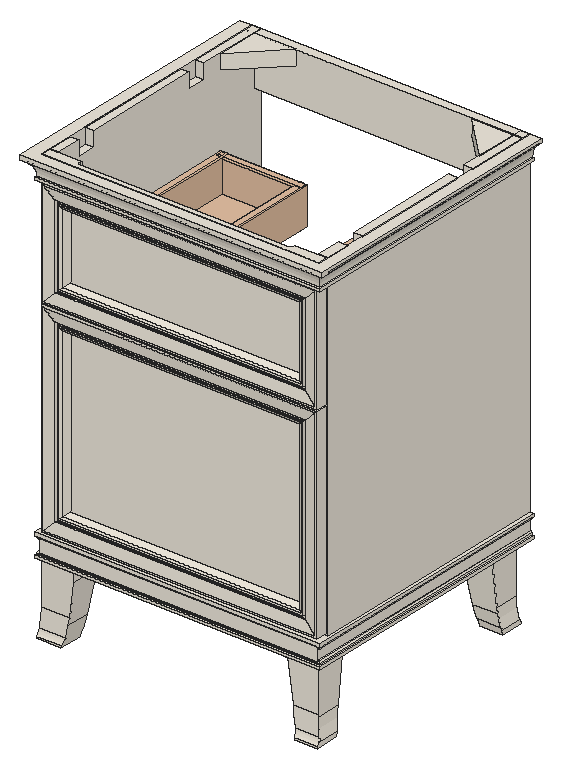
Revit family "Furniture-Floor_Mount-Vanity-KOHLER-Artifacts-K-29469_1", category Casework, host Face, Revit 2021
Family settings
  Host = Face
  OmniClass Number = 23.21.19.00
  OmniClass Title = Casework
  Cut with Voids When Loaded = No
  Shared = No
  Room Calculation Point = No
Parameters (values of type "1WA-Linen White")
  Width = 24 1/64"  # constant formula
  WaterSense Certified = 1 = 0  # no
  URL = "https://www.us.kohler.com/us/"
  Type = 1
  Product Page URL = "http://www.us.kohler.com/us/catalog/productDetails.jsp?productNumber=29469"
  Product Name = "Artifacts"  # constant formula
  Product Documentation Link = "https://www.us.kohler.com/webassets/kpna/catalog/pdf/en/K-29469_spec_US-CA_Kohler_en.pdf"
  Model = if(Type = 1, "K-29469-1WA", if(Type = 2, "K-29469-1WX", if(Type = 3, "K-29469-AGA", if(Type = 4, "K-29469-BWK", if(Type = 5, "K-29469-WEK", "NA")))))  # "K-29469-1WA"
  Material = "Solid Wood\r\n"  # constant formula
  Master Format 2014 Name = "Bathroom Casework"  # constant formula
  Master Format 2014 = "12 35 30.23"  # constant formula
  Manufacturer Address = "444 Highland Dr, Kohler, WI 53044"  # constant formula
  Manufacturer = "Kohler Co."  # constant formula
  Product Finish = Kohler-Wood-1WA-Linen_White
  Height = 34 155/256"  # constant formula
  Hardware Included = 0 = 1  # no
  Finish = if(Type = 1, "Kohler-Wood-1WA-Linen White", if(Type = 2, "Kohler-Wood-1WX-New_Dark_Grey", if(Type = 3, "KOHLER-Wood-AGA-Ash_Grey", if(Type = 4, "KOHLER-Wood-BWK-Carbon_Oak", if(Type = 5, "KOHLER-Wood-WEK-Weathered_Oak", "NA")))))  # "Kohler-Wood-1WA-Linen White"
  Environmental Product Declaration = ""
  Description = "24 inch vanity"  # constant formula
  Depth = 21 57/64"  # constant formula
  Default Elevation = 0"
  Declare Label = ""
  Date Modified = "11/04/2023"  # constant formula
  Date Created = "11/04/2023"  # constant formula
  Copyright = "Copyright Kohler Co."  # constant formula
  Contact Us = "https://www.us.kohler.com/us/static/contact.jsp"
  Construction Type = ""
  Assembly Code = "E2010.30"
  ADA Compliant = 1 = 0  # no
Reference planes (in)
  plane 1 "Center (Front/Back)": y = 0
  plane 2: z = 0
  plane 3 "Center (Left/Right)": x = 0
  plane 4: y = 10.94488
  plane 5: y = -10.94574
  plane 6: y = 9.64567
  plane 7: y = -9.96134
  plane 8: x = -10.35433
  plane 9: x = -12.00787
  plane 10: x = 9.88275
  plane 11: y = -9.2126
  plane 12: y = 9.2126
  plane 13: z = 34.60547
  plane 14: z = 30.66929
  plane 15: z = 12.28346
  plane 16: z = 0.11811
  plane 17: x = 10.35433
  plane 18: x = 12.00775
Dimensions and locks (in)
  "Depth": plane 4 to plane 5
  "Height": plane 13 to level
  plane 14 to plane 15 to plane 16 = 18.38583", 12.16535"
  plane 9 to plane 10 = 21 57/64"
  plane 8 to plane 17 = 20.70866"
  plane 12 to plane 11 = 18.4252"
  plane 7 to plane 5 = 0.9844"
  "Width": plane 9 to plane 18
  aligned and locked: plane 2 to host face
  aligned and locked: level to host face
Automatic sketch dimensions
  host sketch curve to host sketch curve = 96"  (x2)
Nested families (in)
  nested 1: "K-29469" at (0, 0, 0), type "K-29469"
Definition of nested family "K-29469"
  Parameters
    Material = none
    Default Elevation = 0"
  Reference planes (in)
    plane 1 "Center (Front/Back)": y = 0
    plane 2: z = 0
    plane 3 "Center (Left/Right)": x = 0
    plane 4: y = 10.94488
    plane 5: y = -10.94488
    plane 6: y = -9.96048
    plane 7: y = 9.64567
    plane 8: y = 9.2126
    plane 9: y = -9.2126
    plane 10: z = 0.11811
    plane 11: z = 34.6063
    plane 12: x = -12.00787
    plane 13: x = 12.00787
    plane 14 "a": x = -10.35433
    plane 15: x = 10.35433
    plane 16: z = 12.28346
    plane 17: z = 30.66929
  Forms (in)
    Extrusion 1, solid, material <- "Material", detail levels medium+fine
      sketch origin (0, 0, 0) x (1, 0, 0) y (0, 1, 0)
        loop
          line (-11.18144, -10.27523) -> (-8.50413, -10.27523) -> (-8.50413, -7.59828) -> (-11.18144, -7.59828) -> (-11.18144, -10.27523)
        loop
          line (-11.18144, 10.05931) -> (-11.18144, 7.25247) -> (-8.50413, 7.25247) -> (-8.50413, 10.05931) -> (-11.18144, 10.05931)
        loop
          line (11.18144, -10.27523) -> (11.18144, -7.59828) -> (8.50413, -7.59828) -> (8.50413, -10.27523) -> (11.18144, -10.27523)
        loop
          line (11.18144, 10.05939) -> (8.50413, 10.05939) -> (8.50413, 7.25249) -> (11.18144, 7.25249) -> (11.18144, 10.05939)
      from 0.13072 to 5.82787
    Extrusion 2, void
      sketch origin (0, 0, 0) x (0, 1, 0) y (0, 0, 1)
        loop
          line (10.15733, 5.82787) -> (9.64542, 5.82787) -> (9.64542, 2.28457)
          arc (9.64542, 2.28457) -> (9.6699, 1.54159) -> (9.74321, 0.80184) r 11.29048
          arc (9.74321, 0.80184) -> (9.81843, 0.50664) -> (9.96048, 0.23716) r 1.29592
          line (9.96048, 0.23716) -> (9.96048, 0.04031) -> (10.15733, 0.04031) -> (10.15733, 5.82787)
        loop
          line (7.83386, 1.67415) -> (7.25247, 5.82787) -> (6.85877, 5.82787) -> (6.85877, 0.04031) -> (8.17174, 0.04031)
          arc (8.17174, 0.04031) -> (8.08741, 0.36551) -> (8.01089, 0.69263) r 14.02611
          arc (8.01089, 0.69263) -> (7.91271, 1.18165) -> (7.83386, 1.67415) r 12.6683
        loop
          line (-10.47117, 5.82787) -> (-10.47117, 0.04031) -> (-10.27432, 0.04031) -> (-10.27432, 0.23716)
          arc (-10.27432, 0.23716) -> (-10.13227, 0.50664) -> (-10.05705, 0.80184) r 1.29592
          arc (-10.05705, 0.80184) -> (-9.98374, 1.54159) -> (-9.95926, 2.28457) r 11.29048
          line (-9.95926, 2.28457) -> (-9.95926, 5.82787) -> (-10.47117, 5.82787)
        loop
          arc (-8.1477, 1.67415) -> (-8.22655, 1.18165) -> (-8.32473, 0.69263) r 12.6683
          arc (-8.32473, 0.69263) -> (-8.40125, 0.36551) -> (-8.48558, 0.04031) r 14.02611
          line (-8.48558, 0.04031) -> (-7.17261, 0.04031) -> (-7.17261, 5.82787) -> (-7.56631, 5.82787) -> (-8.1477, 1.67415)
      from -11.37829 to 12.02043
    Extrusion 3, void
      sketch origin (0, 0, 0) x (1, 0, 0) y (0, 0, 1)
        loop
          line (-11.57516, 5.82749) -> (-11.57516, 0.11811) -> (-11.37831, 0.11811)
          arc (-11.37831, 0.11811) -> (-11.14242, 1.14001) -> (-11.06318, 2.18578) r 6.94091
          line (-11.06318, 2.18578) -> (-11.06318, 5.82749) -> (-11.57516, 5.82749)
        loop
          line (-9.27184, 0.11905) -> (-8.09074, 0.11905) -> (-8.09074, 5.82749) -> (-8.40061, 5.82749) -> (-8.40061, 5.62769) -> (-8.95625, 1.67415)
          arc (-8.95625, 1.67415) -> (-9.09048, 0.89182) -> (-9.27184, 0.11905) r 13.10105
        loop
          line (11.47673, 5.82749) -> (10.96476, 5.82749) -> (10.96476, 2.18578)
          arc (10.96476, 2.18578) -> (11.04399, 1.14001) -> (11.27988, 0.11811) r 6.94091
          line (11.27988, 0.11811) -> (11.47673, 0.11811) -> (11.47673, 5.82749)
        loop
          arc (9.36486, 0.11905) -> (9.1835, 0.89182) -> (9.04927, 1.67415) r 13.10105
          line (9.04927, 1.67415) -> (8.49363, 5.62769) -> (8.49363, 5.82749) -> (8.18376, 5.82749) -> (8.18376, 0.11905) -> (9.36486, 0.11905)
      from -12.54667 to 11.11618
    Sweep 4, solid, material <- "Material", detail levels medium+fine
      path origin (0, 0, 0) x (1, 0, 0) y (0, 1, 0)
        loop
          line (-12.00787, 10.94488) -> (-12.00787, -10.94488) -> (12.00787, -10.94488) -> (12.00787, 10.94488)
      profile origin (-12.00787, 0, 0) x (1, 0, 0) y (0, 0, 1)
        loop
          line (0.74769, 7.40268) -> (0.74769, 7.28457)
          arc (0.74769, 7.28457) -> (0.79808, 7.23285) -> (0.82643, 7.16645) r 0.19685
          line (0.82643, 7.16645) -> (0.94454, 7.16645) -> (0.94454, 6.30031) -> (0.82643, 6.30031)
          arc (0.82643, 6.30031) -> (0.79808, 6.23391) -> (0.74769, 6.1822) r 0.19685
          line (0.74769, 6.1822) -> (0.74769, 6.06409) -> (0.62957, 6.06409) -> (0.62957, 5.82787) -> (1.89012, 5.82787) -> (1.89012, 7.6389) -> (0.62957, 7.6389) -> (0.62957, 7.40268) -> (0.74769, 7.40268)
    Extrusion 5, solid, material <- "Material", detail levels medium+fine
      sketch origin (0, 0, 0) x (1, 0, 0) y (0, 1, 0)
        loop
          line (-10.11775, -9.2126) -> (10.11775, -9.2126) -> (10.11775, 9.29134) -> (-10.11775, 9.29134) -> (-10.11775, -9.2126)
        loop
          line (11.06333, 10.23622) -> (-11.06333, 10.23622) -> (-11.06333, -10.15748) -> (11.06333, -10.15748) -> (11.06333, 10.23622)
      from 5.82787 to 7.6389
    Extrusion 6, solid, material <- "Material", detail levels medium+fine
      sketch origin (0, 0, 0) x (1, 0, 0) y (0, 1, 0)
        loop
          line (-8.87046, 9.64542) -> (-10.86633, 9.64542) -> (-10.86633, 7.11219) -> (-9.19611, 5.44196)
          arc (-9.19611, 5.44196) -> (-9.05681, 5.38426) -> (-8.91751, 5.44196) r 0.197
          line (-8.91751, 5.44196) -> (-6.66277, 7.6967)
          arc (-6.66277, 7.6967) -> (-6.60507, 7.836) -> (-6.66277, 7.9753) r 0.197
          line (-6.66277, 7.9753) -> (-8.3329, 9.64542) -> (-8.87046, 9.64542)
        loop
          circle (-7.77622, 8.39277) r 0.17717
        loop
          circle (-7.79014, 7.37666) r 0.17717
        loop
          circle (-8.59746, 6.56933) r 0.17717
        loop
          circle (-9.61358, 6.55541) r 0.17717
        loop
          line (-8.87046, -9.96038) -> (-8.3329, -9.96038) -> (-6.66277, -8.29026)
          arc (-6.66277, -8.29026) -> (-6.60507, -8.15096) -> (-6.66277, -8.01166) r 0.197
          line (-6.66277, -8.01166) -> (-8.91751, -5.75692)
          arc (-8.91751, -5.75692) -> (-9.05681, -5.69922) -> (-9.19611, -5.75692) r 0.197
          line (-9.19611, -5.75692) -> (-10.86633, -7.42714) -> (-10.86633, -9.96038) -> (-8.87046, -9.96038)
        loop
          circle (-7.77622, -8.70773) r 0.17717
        loop
          circle (-7.79014, -7.69161) r 0.17717
        loop
          circle (-8.59746, -6.88429) r 0.17717
        loop
          circle (-9.61358, -6.87037) r 0.17717
        loop
          line (8.87046, 9.64542) -> (8.3329, 9.64542) -> (6.66277, 7.9753)
          arc (6.66277, 7.9753) -> (6.60507, 7.836) -> (6.66277, 7.6967) r 0.197
          line (6.66277, 7.6967) -> (8.91751, 5.44196)
          arc (8.91751, 5.44196) -> (9.05681, 5.38426) -> (9.19611, 5.44196) r 0.197
          line (9.19611, 5.44196) -> (10.86633, 7.11219) -> (10.86633, 9.64542) -> (8.87046, 9.64542)
        loop
          circle (7.77622, 8.39277) r 0.17717
        loop
          circle (7.79014, 7.37666) r 0.17717
        loop
          circle (8.59746, 6.56933) r 0.17717
        loop
          circle (9.61358, 6.55541) r 0.17717
        loop
          line (8.87046, -9.96038) -> (10.86633, -9.96038) -> (10.86633, -7.42714) -> (9.19611, -5.75692)
          arc (9.19611, -5.75692) -> (9.05681, -5.69922) -> (8.91751, -5.75692) r 0.197
          line (8.91751, -5.75692) -> (6.66277, -8.01166)
          arc (6.66277, -8.01166) -> (6.60507, -8.15096) -> (6.66277, -8.29026) r 0.197
          line (6.66277, -8.29026) -> (8.3329, -9.96038) -> (8.87046, -9.96038)
        loop
          circle (7.77622, -8.70773) r 0.17717
        loop
          circle (7.79014, -7.69161) r 0.17717
        loop
          circle (8.59746, -6.88429) r 0.17717
        loop
          circle (9.61358, -6.87037) r 0.17717
      from 5.55302 to 5.82787
    Extrusion 7, solid, material <- "Material", detail levels medium+fine
      sketch origin (0, 0, 0) x (1, 0, 0) y (0, 1, 0)
        loop
          line (-5.55288, -9.2126) -> (-10.11845, -4.64703) -> (-10.11845, -9.2126) -> (-5.55288, -9.2126)
        loop
          line (5.55288, -9.2126) -> (10.11845, -9.2126) -> (10.11845, -4.64703) -> (5.55288, -9.2126)
        loop
          line (-10.11845, 4.33207) -> (-5.15918, 9.29134) -> (-10.11845, 9.29134) -> (-10.11845, 4.33207)
        loop
          line (5.15918, 9.29134) -> (10.11845, 4.33207) -> (10.11845, 9.29134) -> (5.15918, 9.29134)
      from 5.82787 to 7.6389
    Extrusion 8, solid, material <- "Material", detail levels medium+fine
      sketch origin (0, 0, 0) x (1, 0, 0) y (0, 1, 0)
        loop
          line (-10.11775, 9.64542) -> (-10.11775, -9.2126) -> (10.11775, -9.2126) -> (10.11775, 9.64542) -> (-10.11775, 9.64542)
      from 7.40268 to 7.6389
    Extrusion 9, solid, material <- "Material", detail levels medium+fine
      sketch origin (0, 0, 0) x (1, 0, 0) y (0, 1, 0)
        loop
          line (-10.11845, 2.99164) -> (-9.33105, 2.99164) -> (-9.33105, 8.89764) -> (-10.11845, 8.89764) -> (-10.11845, 2.99164)
        loop
          line (9.33105, 2.99164) -> (10.11845, 2.99164) -> (10.11845, 8.89764) -> (9.33105, 8.89764) -> (9.33105, 2.99164)
        loop
          line (-10.11845, -2.04676) -> (-10.11845, -9.2126) -> (-9.33105, -9.2126) -> (-9.33105, -2.04676) -> (-10.11845, -2.04676)
        loop
          line (9.33105, -2.04676) -> (9.33105, -9.2126) -> (10.11845, -9.2126) -> (10.11845, -2.04676) -> (9.33105, -2.04676)
      from 6.85149 to 7.6389
    Sweep 10, solid, material <- "Material", detail levels medium+fine
      path origin (0, 0, 0) x (1, 0, 0) y (0, 0, 1)
        loop
          line (-10.945, 23.9769) -> (-10.945, 7.7569) -> (10.945, 7.7569) -> (10.945, 23.9769) -> (-10.945, 23.9769)
      profile origin (-10.945, 0, 15.8669) x (0, -1, 0) y (1, 0, 0)
        loop
          line (9.2126, 1.77161) -> (9.2126, 0) -> (10.118, 0) -> (10.118, 0.11811) -> (9.99989, 0.98425) -> (9.8519, 1.00394) -> (9.8519, 1.1811) -> (9.99989, 1.1811) -> (9.99989, 1.29921) -> (9.90146, 1.49606) -> (9.2126, 1.77161)
    Sweep 11, solid, material <- "Material", detail levels medium+fine
      path origin (0, 0, 17.32283) x (1, 0, 0) y (0, 0, 1)
        loop
          line (-10.945, 15.35504) -> (-10.945, 6.77206) -> (10.945, 6.77206) -> (10.945, 15.35504) -> (-10.945, 15.35504)
      profile origin (-10.945, 0, 28.38638) x (0, -1, 0) y (1, 0, 0)
        loop
          line (9.2126, 1.77161) -> (9.2126, 0) -> (10.118, 0) -> (10.118, 0.11811) -> (9.99989, 0.98425) -> (9.8519, 1.00394) -> (9.8519, 1.1811) -> (9.99989, 1.1811) -> (9.99989, 1.29921) -> (9.90146, 1.49606) -> (9.2126, 1.77161)
    Extrusion 12, solid, material <- "Material", detail levels medium+fine
      sketch origin (0, 0, 0) x (1, 0, 0) y (0, 1, 0)
        loop
          line (-11.06299, 10.94488) -> (-11.06299, -9.17323) -> (-10.35433, -9.17323) -> (-10.35433, 10.94488) -> (-11.06299, 10.94488)
        loop
          line (11.06333, -9.17323) -> (11.06333, 10.94488) -> (10.35433, 10.94488) -> (10.35433, -9.17323) -> (11.06333, -9.17323)
      from 7.6389 to 34.6074
    Extrusion 13, solid, material <- "Material", detail levels medium+fine
      sketch origin (0, 0, 0) x (1, 0, 0) y (0, 0, 1)
        loop
          line (-9.64579, 25.55333) -> (9.44894, 25.55333) -> (9.44894, 31.18181) -> (-9.64579, 31.18181) -> (-9.64579, 25.55333)
        loop
          line (9.44894, 22.29588) -> (-9.44894, 22.29588) -> (-9.44894, 9.30651) -> (9.44894, 9.30651) -> (9.44894, 22.29588)
      from 9.2126 to 9.39595
    Sweep 14, solid, material <- "Material", detail levels medium+fine
      path origin (0, 0, 0) x (1, 0, 0) y (0, 1, 0)
        loop
          line (-12.00787, 10.94488) -> (-12.00787, -10.94488) -> (12.00787, -10.94488) -> (12.00787, 10.94488)
      profile origin (-12.00787, 0, 0) x (1, 0, 0) y (0, 0, 1)
        loop
          line (0.94488, 34.6074) -> (0, 34.6074) -> (0, 34.29244)
          arc (0, 34.29244) -> (0.54943, 33.76669) -> (0.74803, 33.03262) r 1.41732
          line (0.74803, 33.03262) -> (0.62992, 33.03262) -> (0.62992, 32.7964) -> (0.94488, 32.7964) -> (0.94488, 34.6074)
    Extrusion 15, solid, material <- "Material", detail levels medium+fine
      sketch origin (0, 0, 0) x (1, 0, 0) y (0, 0, 1)
        loop
          line (-10.35433, 12.28457) -> (-10.35433, 7.6389) -> (10.35433, 7.6389) -> (10.35433, 12.28457) -> (-10.35433, 12.28457)
        loop
          line (-10.35433, 30.67039) -> (10.35433, 30.67039) -> (10.35433, 32.79638) -> (11.06299, 32.79638) -> (11.06299, 34.6074) -> (-11.06299, 34.6074) -> (-11.06299, 32.79638) -> (-10.35433, 32.79638) -> (-10.35433, 30.67039)
      from -10.94488 to -10.23622
    Extrusion 16, solid
      sketch origin (0, 0, 0) x (1, 0, 0) y (0, 1, 0)
        loop
          line (10.11811, -9.2126) -> (10.11811, 6.61428) -> (-10.11642, 6.61428) -> (-10.11642, -8.74005) -> (-10.11812, -9.2126) -> (10.11811, -9.2126)
        loop
          line (-9.52756, -8.74005) -> (9.52755, -8.74005) -> (9.52755, 6.02373) -> (-9.52756, 6.02373) -> (-9.52756, -8.74005)
      from 7.6389 to 15.69557
    Extrusion 17, void
      sketch origin (0, 0, 0) x (1, 0, 0) y (0, 0, 1)
        loop
          line (3.18898, 13.46605) -> (3.18898, 17.48136) -> (-3.18898, 17.48136) -> (-3.18898, 13.46605)
          arc (-3.18898, 13.46605) -> (-3.07366, 13.18766) -> (-2.79528, 13.07235) r 0.3937
          line (-2.79528, 13.07235) -> (2.79528, 13.07235)
          arc (2.79528, 13.07235) -> (3.07366, 13.18766) -> (3.18898, 13.46605) r 0.3937
      from -9.29134 to -4.33207
    Extrusion 18, solid
      sketch origin (0, 0, 0) x (1, 0, 0) y (0, 1, 0)
        loop
          line (10.1181, 6.02375) -> (-10.15749, 6.02375) -> (-10.15749, -9.21273) -> (10.1181, -9.21273) -> (10.1181, 6.02375)
      from 7.6389 to 8.74115
    Extrusion 19, solid
      sketch origin (0, 0, 0) x (1, 0, 0) y (0, 0, 1)
        loop
          arc (10.11811, 27.79296) -> (10.09425, 27.85056) -> (10.03665, 27.87442) r 0.08146
          line (10.03665, 27.87442) -> (9.6063, 27.87442)
          arc (9.6063, 27.87442) -> (9.55062, 27.85136) -> (9.52756, 27.79568) r 0.07874
          line (9.52756, 27.79568) -> (9.52756, 24.8823) -> (10.11811, 24.8823) -> (10.11811, 27.79296)
        loop
          arc (3.77956, 27.79296) -> (3.7557, 27.85056) -> (3.6981, 27.87442) r 0.08146
          line (3.6981, 27.87442) -> (3.26775, 27.87442)
          arc (3.26775, 27.87442) -> (3.21207, 27.85136) -> (3.18901, 27.79568) r 0.07874
          line (3.18901, 27.79568) -> (3.18901, 24.8823) -> (3.77956, 24.8823) -> (3.77956, 27.79296)
        loop
          arc (-3.1849, 27.79296) -> (-3.20876, 27.85056) -> (-3.26637, 27.87442) r 0.08146
          line (-3.26637, 27.87442) -> (-3.69671, 27.87442)
          arc (-3.69671, 27.87442) -> (-3.75239, 27.85136) -> (-3.77545, 27.79568) r 0.07874
          line (-3.77545, 27.79568) -> (-3.77545, 24.8823) -> (-3.1849, 24.8823) -> (-3.1849, 27.79296)
        loop
          arc (-9.52345, 27.79296) -> (-9.54731, 27.85056) -> (-9.60492, 27.87442) r 0.08146
          line (-9.60492, 27.87442) -> (-10.03527, 27.87442)
          arc (-10.03527, 27.87442) -> (-10.09094, 27.85136) -> (-10.11401, 27.79568) r 0.07874
          line (-10.11401, 27.79568) -> (-10.11401, 24.8823) -> (-9.52345, 24.8823) -> (-9.52345, 27.79296)
      from -6.61428 to 8.74005
    Extrusion 20, solid, detail levels medium+fine
      sketch origin (0, 0, 0) x (0, 1, 0) y (0, 0, 1)
        loop
          line (-9.3306, 27.79568) -> (-9.3306, 24.8823) -> (-8.74005, 24.8823) -> (-8.74005, 27.79568)
          arc (-8.74005, 27.79568) -> (-8.76311, 27.85136) -> (-8.81879, 27.87442) r 0.07874
          line (-8.81879, 27.87442) -> (-9.25186, 27.87442)
          arc (-9.25186, 27.87442) -> (-9.30754, 27.85136) -> (-9.3306, 27.79568) r 0.07874
      from -10.11845 to 10.11845
    Extrusion 21, solid
      sketch origin (0.19651, 0.02926, 0.02634) x (0, 1, 0) y (0, 0, 1)
        loop
          arc (-4.40934, 27.87442) -> (-4.46502, 27.85136) -> (-4.48808, 27.79568) r 0.07874
          line (-4.48808, 27.79568) -> (-4.48808, 24.8823) -> (-3.89753, 24.8823) -> (-3.89753, 27.79568)
          arc (-3.89753, 27.79568) -> (-3.92059, 27.85136) -> (-3.97627, 27.87442) r 0.07874
          line (-3.97627, 27.87442) -> (-4.40934, 27.87442)
      from -3.38549 to 2.99246
    Extrusion 22, solid, detail levels medium+fine
      sketch origin (0.19651, 0, 0) x (0, 1, 0) y (0, 0, 1)
        loop
          line (6.02375, 24.8823) -> (6.61428, 24.8823) -> (6.61428, 27.79568)
          arc (6.61428, 27.79568) -> (6.59122, 27.85136) -> (6.53554, 27.87442) r 0.07874
          line (6.53554, 27.87442) -> (6.10249, 27.87442)
          arc (6.10249, 27.87442) -> (6.04682, 27.85136) -> (6.02375, 27.79568) r 0.07874
          line (6.02375, 27.79568) -> (6.02375, 24.8823)
      from -10.11845 to -3.38549
    Extrusion 23, solid
      sketch origin (0.19651, 0, 0) x (0, 1, 0) y (0, 0, 1)
        loop
          line (6.02375, 24.8823) -> (6.61428, 24.8823) -> (6.61428, 27.79568)
          arc (6.61428, 27.79568) -> (6.59122, 27.85136) -> (6.53554, 27.87442) r 0.07874
          line (6.53554, 27.87442) -> (6.10249, 27.87442)
          arc (6.10249, 27.87442) -> (6.04682, 27.85136) -> (6.02375, 27.79568) r 0.07874
          line (6.02375, 27.79568) -> (6.02375, 24.8823)
      from 2.99246 to 9.92194
    Extrusion 24, solid
      sketch origin (0, 0, 0) x (1, 0, 0) y (0, 1, 0)
        loop
          line (10.03665, 6.22058) -> (3.54058, 6.22058) -> (3.54058, -8.9369) -> (10.03665, -8.9369) -> (10.03665, 6.22058)
        loop
          line (-3.54603, 6.22058) -> (-10.04209, 6.22058) -> (-10.04209, -8.9369) -> (-3.54603, -8.9369) -> (-3.54603, 6.22058)
      from 24.8823 to 25.276
    Extrusion 25, void
      sketch origin (0, 0, 0) x (0, 1, 0) y (0, 0, 1)
        loop
          line (5.31496, 34.6074) -> (3.8189, 34.6074) -> (3.8189, 33.4263) -> (5.31496, 33.4263) -> (5.31496, 34.6074)
        loop
          line (-5.66929, 33.4263) -> (-5.66929, 35.0011) -> (-7.16535, 35.0011) -> (-7.16535, 33.4263) -> (-5.66929, 33.4263)
      from -11.06333 to 11.06333
    Extrusion 26, void
      sketch origin (0, 0, 0) x (1, 0, 0) y (0, 0, 1)
        loop
          arc (-1.75803, 28.44226) -> (-0.00003, 26.89017) -> (1.75796, 28.44226) r 1.77165
          line (1.75796, 28.44226) -> (-1.75803, 28.44226)
      from 0 to 5.66929
    Extrusion 27, solid, detail levels medium+fine
      sketch origin (0, 0, -0.19685) x (1, 0, 0) y (0, 0, 1)
        loop
          line (9.52756, 25.35474) -> (8.344, 25.35474) -> (8.344, 24.65917) -> (8.52606, 24.65917) -> (8.52606, 24.71495) -> (8.40772, 24.71495) -> (8.40772, 25.3055) -> (9.47377, 25.3055) -> (9.47377, 24.73422) -> (9.33071, 24.73422) -> (9.33071, 24.68191) -> (9.52756, 24.68191) -> (9.52756, 25.35474)
        loop
          line (8.56331, 24.46518) -> (8.36646, 24.46518) -> (8.36646, 24.3809) -> (8.63899, 24.3809) -> (8.63899, 24.8823) -> (8.56331, 24.8823) -> (8.56331, 24.46518)
        loop
          line (9.29508, 24.8823) -> (9.23226, 24.8823) -> (9.23226, 24.58093) -> (8.94213, 24.58093) -> (8.94213, 24.50765) -> (9.29508, 24.50765) -> (9.29508, 24.8823)
        loop
          line (-9.52762, 25.35474) -> (-9.52762, 24.68191) -> (-9.33077, 24.68191) -> (-9.33077, 24.73422) -> (-9.47384, 24.73422) -> (-9.47384, 25.3055) -> (-8.40778, 25.3055) -> (-8.40778, 24.71495) -> (-8.52612, 24.71495) -> (-8.52612, 24.65917) -> (-8.34406, 24.65917) -> (-8.34406, 25.35474) -> (-9.52762, 25.35474)
        loop
          line (-8.56337, 24.46518) -> (-8.56337, 24.8823) -> (-8.63905, 24.8823) -> (-8.63905, 24.3809) -> (-8.36652, 24.3809) -> (-8.36652, 24.46518) -> (-8.56337, 24.46518)
        loop
          line (-9.29514, 24.8823) -> (-9.29514, 24.50765) -> (-8.94219, 24.50765) -> (-8.94219, 24.58093) -> (-9.23233, 24.58093) -> (-9.23233, 24.8823) -> (-9.29514, 24.8823)
        loop
          line (9.52756, 8.56559) -> (8.344, 8.56559) -> (8.344, 7.87003) -> (8.52606, 7.87003) -> (8.52606, 7.92581) -> (8.40772, 7.92581) -> (8.40772, 8.51636) -> (9.47377, 8.51636) -> (9.47377, 7.94508) -> (9.33071, 7.94508) -> (9.33071, 7.89276) -> (9.52756, 7.89276) -> (9.52756, 8.56559)
        loop
          line (8.56331, 7.67603) -> (8.36646, 7.67603) -> (8.36646, 7.59176) -> (8.63899, 7.59176) -> (8.63899, 8.09315) -> (8.56331, 8.09315) -> (8.56331, 7.67603)
        loop
          line (9.29508, 8.09315) -> (9.23226, 8.09315) -> (9.23226, 7.79179) -> (8.94213, 7.79179) -> (8.94213, 7.7185) -> (9.29508, 7.7185) -> (9.29508, 8.09315)
        loop
          line (-9.52762, 8.56559) -> (-9.52762, 7.89276) -> (-9.33077, 7.89276) -> (-9.33077, 7.94508) -> (-9.47384, 7.94508) -> (-9.47384, 8.51636) -> (-8.40778, 8.51636) -> (-8.40778, 7.92581) -> (-8.52612, 7.92581) -> (-8.52612, 7.87003) -> (-8.34406, 7.87003) -> (-8.34406, 8.56559) -> (-9.52762, 8.56559)
        loop
          line (-8.56337, 7.67603) -> (-8.56337, 8.09315) -> (-8.63905, 8.09315) -> (-8.63905, 7.59176) -> (-8.36652, 7.59176) -> (-8.36652, 7.67603) -> (-8.56337, 7.67603)
        loop
          line (-9.29514, 8.09315) -> (-9.29514, 7.7185) -> (-8.94219, 7.7185) -> (-8.94219, 7.79179) -> (-9.23233, 7.79179) -> (-9.23233, 8.09315) -> (-9.29514, 8.09315)
      from -7.15759 to 8.74005
    Extrusion 28, solid, material <- "Material", detail levels medium+fine
      sketch origin (0, 0, 0) x (1, 0, 0) y (0, 1, 0)
        loop
          line (7.01378, 10.23622) -> (10.35433, 6.89567) -> (10.35433, 10.23622) -> (7.01378, 10.23622)
        loop
          line (-7.01378, 10.23622) -> (-10.35433, 10.23622) -> (-10.35433, 6.89567) -> (-7.01378, 10.23622)
        loop
          line (11.06299, -9.2126) -> (8.50394, -9.2126) -> (8.50394, -9.40945)
          arc (8.50394, -9.40945) -> (8.44629, -9.54864) -> (8.30709, -9.6063) r 0.19685
          line (8.30709, -9.6063) -> (-8.30708, -9.6063)
          arc (-8.30708, -9.6063) -> (-8.44627, -9.54864) -> (-8.50393, -9.40945) r 0.19685
          line (-8.50393, -9.40945) -> (-8.50393, -9.2126) -> (-11.06299, -9.2126) -> (-11.06299, -10) -> (11.06299, -10) -> (11.06299, -9.2126)
      from 33.4263 to 34.6074
    Revolve 29, solid, detail levels medium+fine
      sketch origin (-10.35433, -180, 54.75956) x (0, 0, 1) y (0, -1, 0)
        loop
          line (-54.75956, -189.2126) -> (-54.75956, -189.48893)
          arc (-54.75956, -189.48893) -> (-54.74118, -189.54013) -> (-54.69443, -189.56794) r 0.08049
          line (-54.69443, -189.56794) -> (-54.29455, -189.64567) -> (-54.29455, -189.2126) -> (-54.75956, -189.2126)
        axis (-54.75956, -189.2126) -> (-54.29455, -189.2126)
      angle from 0 to 360
    Revolve 30, solid, detail levels medium+fine
      sketch origin (10.35433, -180, 54.75956) x (0, 0, 1) y (0, 1, 0)
        loop
          line (-54.75956, 189.2126) -> (-54.29455, 189.2126) -> (-54.29455, 189.64567) -> (-54.69443, 189.56794)
          arc (-54.69443, 189.56794) -> (-54.74118, 189.54013) -> (-54.75956, 189.48893) r 0.08049
          line (-54.75956, 189.48893) -> (-54.75956, 189.2126)
        axis (-54.75956, 189.2126) -> (-54.29455, 189.2126)
      angle from 0 to 360
    Revolve 31, solid, detail levels medium+fine
      sketch origin (10.35433, 180, 54.75956) x (0, 0, 1) y (0, 1, 0)
        loop
          line (-54.75956, -189.2126) -> (-54.75956, -189.48893)
          arc (-54.75956, -189.48893) -> (-54.74118, -189.54013) -> (-54.69443, -189.56794) r 0.08049
          line (-54.69443, -189.56794) -> (-54.29455, -189.64567) -> (-54.29455, -189.2126) -> (-54.75956, -189.2126)
        axis (-54.75956, -189.2126) -> (-54.29455, -189.2126)
      angle from 0 to 360
    Revolve 32, solid, detail levels medium+fine
      sketch origin (-10.35433, 180, 54.75956) x (0, 0, 1) y (0, -1, 0)
        loop
          line (-54.75956, 189.2126) -> (-54.29455, 189.2126) -> (-54.29455, 189.64567) -> (-54.69443, 189.56794)
          arc (-54.69443, 189.56794) -> (-54.74118, 189.54013) -> (-54.75956, 189.48893) r 0.08049
          line (-54.75956, 189.48893) -> (-54.75956, 189.2126)
        axis (-54.75956, 189.2126) -> (-54.29455, 189.2126)
      angle from 0 to 360
    Extrusion 33, solid, material <- "Material", detail levels coarse
      sketch origin (0, 0, 0) x (1, 0, 0) y (0, 1, 0)
        loop
          line (-12.00787, -10.94488) -> (12.00787, -10.94488) -> (12.00787, 10.94488) -> (-12.00787, 10.94488) -> (-12.00787, -10.94488)
        loop
          line (11.06299, -9.2126) -> (11.06299, 10.23622) -> (-11.06299, 10.23622) -> (-11.06299, -9.2126) -> (11.06299, -9.2126)
      from 32.7964 to 34.6074
    Extrusion 34, solid, material <- "Material", detail levels coarse
      sketch origin (0, 0, 0) x (1, 0, 0) y (0, 1, 0)
        loop
          line (-11.37831, 10.23622) -> (-11.37831, -10.11811) -> (11.37831, -10.11811) -> (11.37831, 10.23622) -> (-11.37831, 10.23622)
        loop
          line (-10.11775, 9.29134) -> (-10.11775, -9.05476) -> (10.11775, -9.05476) -> (10.11775, 9.29134) -> (-10.11775, 9.29134)
      from 7.6389 to 32.7964
    Extrusion 35, solid, material <- "Material", detail levels coarse
      sketch origin (0, 0, 0) x (1, 0, 0) y (0, 1, 0)
        loop
          line (-12.00787, 10.94488) -> (-12.00787, -10.94488) -> (12.00787, -10.94488) -> (12.00787, 10.94488) -> (-12.00787, 10.94488)
      from 5.82787 to 7.6389
    Extrusion 36, solid, material <- "Material", detail levels coarse
      sketch origin (0, 0, 0) x (1, 0, 0) y (0, 1, 0)
        loop
          line (-7.63813, 9.96048) -> (-11.18144, 9.96048) -> (-11.18144, 6.81156) -> (-7.63813, 6.81156) -> (-7.63813, 9.96048)
        loop
          line (7.63813, 9.96048) -> (7.63813, 6.81156) -> (11.18144, 6.81156) -> (11.18144, 9.96048) -> (7.63813, 9.96048)
        loop
          line (-7.63813, -9.96048) -> (-7.63813, -6.81156) -> (-11.18144, -6.81156) -> (-11.18144, -9.96048) -> (-7.63813, -9.96048)
        loop
          line (7.63813, -9.96048) -> (11.18144, -9.96048) -> (11.18144, -6.81156) -> (7.63813, -6.81156) -> (7.63813, -9.96048)
      from 0 to 6.06409
    Extrusion 37, void
      sketch origin (0, 0, 0) x (1, 0, 0) y (0, 0, 1)
        loop
          line (-9.17339, 25.86651) -> (9.17339, 25.86651) -> (9.17339, 30.90626) -> (-9.17339, 30.90626) -> (-9.17339, 25.86651)
        loop
          line (9.17339, 22.20529) -> (-9.17339, 22.20529) -> (-9.17339, 9.52851) -> (9.17339, 9.52851) -> (9.17339, 22.20529)
      from 22.64083 to 9.8519
  Cuts and joins
    Extrusion 2, Extrusion 3 cuts Extrusion 1
    joined: Extrusion 1, Sweep 4, Extrusion 5
    Extrusion 17 cuts Extrusion 16
    Extrusion 25 cuts Extrusion 12
    Extrusion 26 cuts Extrusion 21
    joined: Revolve 29, Revolve 30, Revolve 31, Revolve 32
    Extrusion 37 cuts Extrusion 34
    joined: Extrusion 33, Extrusion 34, Extrusion 35, Extrusion 36
  Lines and regions (in)
    Masking region 1
      outline origin (0, 0, 0) x (1, 0, 0) y (0, 1, 0)
        loop
          line (-12.00787, 10.94488) -> (-12.00787, -10.94488) -> (12.00787, -10.94488) -> (12.00787, 10.94488) -> (-12.00787, 10.94488)
    Masking region 2
      outline origin (0, 0, 0) x (1, 0, 0) y (0, 0, 1)
        loop
          line (-12.00787, 34.6074) -> (-12.00787, 34.29244)
          arc (-12.00787, 34.29244) -> (-11.45844, 33.76669) -> (-11.25984, 33.03262) r 1.41732
          line (-11.25984, 33.03262) -> (-11.37795, 33.03262) -> (-11.37795, 32.7964) -> (-11.06299, 32.7964) -> (-11.06299, 7.6389) -> (-11.37798, 7.6389) -> (-11.37798, 7.4029) -> (-11.25996, 7.4029) -> (-11.25996, 7.28441)
          arc (-11.25996, 7.28441) -> (-11.20972, 7.23274) -> (-11.18144, 7.16645) r 0.19685
          line (-11.18144, 7.16645) -> (-11.06333, 7.16645) -> (-11.06333, 6.30031) -> (-11.18144, 6.30031)
          arc (-11.18144, 6.30031) -> (-11.20979, 6.23391) -> (-11.26018, 6.1822) r 0.19685
          line (-11.26018, 6.1822) -> (-11.26018, 6.06409) -> (-11.37829, 6.06409) -> (-11.37829, 5.82787) -> (-10.86633, 5.82787) -> (-10.86633, 2.18578)
          arc (-10.86633, 2.18578) -> (-10.88643, 1.54706) -> (-10.94664, 0.91088) r 10.15906
          arc (-10.94664, 0.91088) -> (-11.02858, 0.5617) -> (-11.18129, 0.23716) r 1.71659
          line (-11.18129, 0.23716) -> (-11.18129, 0.11811) -> (-10.72097, 0.11811) -> (-10.6929, 0.041)
          arc (-10.6929, 0.041) -> (-10.67009, 0.01127) -> (-10.63435, 0) r 0.06231
          line (-10.63435, 0) -> (-10.07431, 0)
          arc (-10.07431, 0) -> (-10.03857, 0.01127) -> (-10.01576, 0.041) r 0.06231
          line (-10.01576, 0.041) -> (-9.98769, 0.11811) -> (-9.37053, 0.11811)
          arc (-9.37053, 0.11811) -> (-9.27766, 0.44421) -> (-9.21053, 0.77657) r 4.34033
          line (-9.21053, 0.77657) -> (-8.98277, 2.18578) -> (-8.50953, 5.55302) -> (-6.60507, 5.55302) -> (-6.60507, 5.82787) -> (0, 5.82787) -> (6.60507, 5.82787) -> (6.60507, 5.55302) -> (8.50953, 5.55302) -> (8.98277, 2.18578) -> (9.21053, 0.77657)
          arc (9.21053, 0.77657) -> (9.27766, 0.44421) -> (9.37053, 0.11811) r 4.34033
          line (9.37053, 0.11811) -> (9.98769, 0.11811) -> (10.01576, 0.041)
          arc (10.01576, 0.041) -> (10.03857, 0.01127) -> (10.07431, 0) r 0.06231
          line (10.07431, 0) -> (10.63435, 0)
          arc (10.63435, 0) -> (10.67009, 0.01127) -> (10.6929, 0.041) r 0.06231
          line (10.6929, 0.041) -> (10.72097, 0.11811) -> (11.18129, 0.11811) -> (11.18129, 0.23716)
          arc (11.18129, 0.23716) -> (11.02858, 0.5617) -> (10.94664, 0.91088) r 1.71659
          arc (10.94664, 0.91088) -> (10.88643, 1.54706) -> (10.86633, 2.18578) r 10.15906
          line (10.86633, 2.18578) -> (10.86633, 5.82787) -> (11.37829, 5.82787) -> (11.37829, 6.06409) -> (11.26018, 6.06409) -> (11.26018, 6.1822)
          arc (11.26018, 6.1822) -> (11.20979, 6.23391) -> (11.18144, 6.30031) r 0.19685
          line (11.18144, 6.30031) -> (11.06333, 6.30031) -> (11.06333, 7.16645) -> (11.18144, 7.16645)
          arc (11.18144, 7.16645) -> (11.20972, 7.23274) -> (11.25996, 7.28441) r 0.19685
          line (11.25996, 7.28441) -> (11.25996, 7.4029) -> (11.37798, 7.4029) -> (11.37798, 7.6389) -> (11.06299, 7.6389) -> (11.06299, 32.7964) -> (11.37795, 32.7964) -> (11.37795, 33.03262) -> (11.25984, 33.03262)
          arc (11.25984, 33.03262) -> (11.45844, 33.76669) -> (12.00787, 34.29244) r 1.41732
          line (12.00787, 34.29244) -> (12.00787, 34.6074) -> (0, 34.6074) -> (-12.00787, 34.6074)
        loop
          line (-10.35433, 23.9769) -> (10.35433, 23.9769) -> (10.35433, 24.0949) -> (-10.35433, 24.0949) -> (-10.35433, 23.9769)
    Masking region 3
      outline origin (0, 0, 0) x (0, 1, 0) y (0, 0, 1)
        loop
          line (-10.94488, 34.6063) -> (-10.94488, 34.29244)
          arc (-10.94488, 34.29244) -> (-10.39545, 33.76669) -> (-10.19685, 33.03262) r 1.41732
          line (-10.19685, 33.03262) -> (-10.31496, 33.03262) -> (-10.31496, 32.79638) -> (-9.2126, 32.79638) -> (-9.2126, 32.67787) -> (-10.11957, 32.67787) -> (-10.11957, 24.0949) -> (-9.3306, 24.0949) -> (-9.3306, 24.8823) -> (-9.2126, 24.8823) -> (-9.2126, 24.0949) -> (-9.2126, 15.69985) -> (-9.3306, 15.69985) -> (-9.3306, 23.9769) -> (-10.118, 23.9769) -> (-10.118, 7.7569) -> (-9.3306, 7.7569) -> (-9.3306, 9.30651) -> (-9.2126, 9.30651) -> (-9.2126, 7.6389) -> (-10.4721, 7.6389) -> (-10.4721, 7.40259) -> (-10.35397, 7.40259) -> (-10.35397, 7.28456)
          arc (-10.35397, 7.28456) -> (-10.30379, 7.2328) -> (-10.27559, 7.16645) r 0.197
          line (-10.27559, 7.16645) -> (-10.15748, 7.16645) -> (-10.15748, 6.30031) -> (-10.27559, 6.30031)
          arc (-10.27559, 6.30031) -> (-10.30395, 6.23373) -> (-10.35444, 6.18187) r 0.197
          line (-10.35444, 6.18187) -> (-10.35444, 6.06387) -> (-10.47246, 6.06387) -> (-10.47246, 5.82787) -> (-9.95922, 5.82787) -> (-9.95922, 2.28457)
          arc (-9.95922, 2.28457) -> (-9.9837, 1.54159) -> (-10.05701, 0.80184) r 11.29048
          arc (-10.05701, 0.80184) -> (-10.13223, 0.50664) -> (-10.27428, 0.23716) r 1.29592
          line (-10.27428, 0.23716) -> (-10.27428, 0.11811) -> (-9.51265, 0.11811) -> (-9.46806, 0.02248)
          arc (-9.46806, 0.02248) -> (-9.45369, 0.0061) -> (-9.43278, 0) r 0.03893
          line (-9.43278, 0) -> (-9.2126, 0) -> (-8.99242, 0)
          arc (-8.99242, 0) -> (-8.9715, 0.0061) -> (-8.95714, 0.02248) r 0.03893
          line (-8.95714, 0.02248) -> (-8.91254, 0.11811) -> (-8.46352, 0.11811)
          arc (-8.46352, 0.11811) -> (-8.28538, 0.88161) -> (-8.15308, 1.65438) r 13.1434
          line (-8.15308, 1.65438) -> (-7.60475, 5.55302) -> (-5.69806, 5.55302) -> (-5.69806, 5.82787) -> (5.38426, 5.82787) -> (5.38426, 5.55302) -> (7.29095, 5.55302) -> (7.83928, 1.65438)
          arc (7.83928, 1.65438) -> (7.97158, 0.88161) -> (8.14972, 0.11811) r 13.1434
          line (8.14972, 0.11811) -> (8.91254, 0.11811) -> (8.95714, 0.02248)
          arc (8.95714, 0.02248) -> (8.9715, 0.0061) -> (8.99242, 0) r 0.03893
          line (8.99242, 0) -> (9.2126, 0) -> (9.43278, 0)
          arc (9.43278, 0) -> (9.45369, 0.0061) -> (9.46806, 0.02248) r 0.03893
          line (9.46806, 0.02248) -> (9.51265, 0.11811) -> (9.96048, 0.11811) -> (9.96048, 0.23716)
          arc (9.96048, 0.23716) -> (9.81843, 0.50664) -> (9.74321, 0.80184) r 1.29592
          arc (9.74321, 0.80184) -> (9.6699, 1.54159) -> (9.64542, 2.28457) r 11.29048
          line (9.64542, 2.28457) -> (9.64542, 5.82787) -> (10.94488, 5.82787) -> (10.94488, 34.6063) -> (-10.94488, 34.6063)
    symbolic lines, detail levels medium+fine
      curve 1: line (-11.06299, 10.94488, 0) -> (-11.06299, -10, 0)
      curve 2: line (-11.06299, -10, 0) -> (-12.00787, -10.94488, 0)
      curve 3: line (-11.06299, -10, 0) -> (11.06299, -10, 0)
      curve 4: line (11.06299, -10, 0) -> (12.00787, -10.94488, 0)
      curve 5: line (11.06299, -10, 0) -> (11.06299, 10.95562, 0)
      curve 6: line (-10.35433, 10.94488, 0) -> (-10.35433, -9.2126, 0)
      curve 7: line (-10.35433, -9.17323, 0) -> (-11.06299, -9.17323, 0)
      curve 8: line (-11.06299, -9.2126, 0) -> (-8.50393, -9.2126, 0)
      curve 9: line (-8.50393, -9.2913, 0) -> (-8.50393, -9.2126, 0)
      curve 10: arc (-8.18893, -9.6063, 0) -> (-8.41167, -9.51404, 0) -> (-8.50393, -9.2913, 0) r 0.315
      curve 11: line (-8.18893, -9.6063, 0) -> (8.18894, -9.6063, 0)
      curve 12: arc (8.50394, -9.2913, 0) -> (8.41168, -9.51404, 0) -> (8.18894, -9.6063, 0) r 0.315
      curve 13: line (8.50394, -9.2913, 0) -> (8.50394, -9.2126, 0)
      curve 14: line (11.06299, -9.2126, 0) -> (8.50394, -9.2126, 0)
      curve 15: line (8.50148, -9.3306, 0) -> (-8.50147, -9.3306, 0)
      curve 16: line (-1.06441, -9.29537, 0) -> (-1.06441, -9.3306, 0)
      curve 17: line (-1.06441, -9.29537, 0) -> (1.06338, -9.29537, 0)
      curve 18: line (1.06338, -9.29537, 0) -> (1.06338, -9.3306, 0)
      curve 19: line (-10.35433, -8.74016, 0) -> (-10.11845, -8.74016, 0)
      curve 20: line (-10.11845, -9.2126, 0) -> (-10.11845, -8.74016, 0)
      curve 21: line (-11.06299, -7.16535, 0) -> (-10.35433, -7.16535, 0)
      curve 22: line (-10.35433, -5.66929, 0) -> (-11.06299, -5.66929, 0)
      curve 23: line (-11.06299, 5.31496, 0) -> (-10.35433, 5.31496, 0)
      curve 24: line (-10.35433, 3.8189, 0) -> (-11.06299, 3.8189, 0)
      curve 25: line (-10.35433, 3.7414, 0) -> (-10.1181, 3.7414, 0)
      curve 26: line (-7.01378, 10.23622, 0) -> (-10.35433, 6.89567, 0)
      curve 27: line (-9.64567, 7.60433, 0) -> (-9.64567, 6.62008, 0)
      curve 28: line (-10.1181, 6.6143, 0) -> (10.1181, 6.6143, 0)
      curve 29: line (-10.1181, 6.6143, 0) -> (-10.1181, -9.2126, 0)
      curve 30: line (-10.23639, -8.74016, 0) -> (-10.23639, 1.88976, 0)
      curve 31: line (-10.35433, 1.88976, 0) -> (-10.1181, 1.88976, 0)
      curve 32: line (-10.1181, 1.81349, 0) -> (-10.17926, 1.81349, 0)
      curve 33: line (-10.17926, 1.81349, 0) -> (-10.17926, -2.27204, 0)
      curve 34: line (-10.17926, -2.27204, 0) -> (-10.1181, -2.27204, 0)
      curve 35: line (-10.1181, -2.33504, 0) -> (-10.22816, -2.33504, 0)
      curve 36: line (-10.23639, -5.4528, 0) -> (-10.18138, -5.4528, 0)
      curve 37: line (-10.18138, -5.4528, 0) -> (-10.1436, -5.38737, 0)
      curve 38: line (-10.1436, -5.38737, 0) -> (-10.1436, -4.99367, 0)
      curve 39: arc (-10.1436, -4.99367, 0) -> (-10.13679, -4.96752, 0) -> (-10.1181, -4.948, 0) r 0.05366
      curve 40: line (-10.1181, -5.99463, 0) -> (-10.23639, -5.99463, 0)
      curve 41: line (-10.23639, -6.0177, 0) -> (-10.1924, -6.0177, 0)
      curve 42: line (-10.1924, -6.0177, 0) -> (-10.1924, -6.29278, 0)
      curve 43: line (-10.1924, -6.29278, 0) -> (-10.14627, -6.29278, 0)
      curve 44: line (-10.14627, -6.29278, 0) -> (-10.14627, -6.0177, 0)
      curve 45: line (-10.14627, -6.0177, 0) -> (-10.1181, -6.0177, 0)
      curve 46: line (-10.1924, -6.29278, 0) -> (-10.1924, -6.37342, 0)
      curve 47: line (-10.1924, -6.37342, 0) -> (-10.17018, -6.39564, 0)
      curve 48: line (-10.17018, -6.39564, 0) -> (-10.1181, -6.39564, 0)
      curve 49: line (-10.14627, -6.29278, 0) -> (-10.14627, -6.34547, 0)
      curve 50: line (-10.14627, -6.34547, 0) -> (-10.1181, -6.34547, 0)
      curve 51: line (-10.35433, 10.23622, 0) -> (10.35433, 10.23622, 0)
      curve 52: line (-10.31496, 10.23622, 0) -> (-10.31496, 10.94488, 0)
      curve 53: line (-9.50271, 6.6143, 0) -> (-9.50271, 7.008, 0)
      curve 54: line (-9.50271, 7.008, 0) -> (-8.35738, 7.008, 0)
      curve 55: line (-8.35738, 7.008, 0) -> (-8.35738, 6.6143, 0)
      curve 56: line (-9.43172, 6.94633, 0) -> (-9.43172, 6.6143, 0)
      curve 57: arc (-9.43172, 6.94633, 0) -> (-9.41532, 6.98829, 0) -> (-9.3748, 7.008, 0) r 0.06188
      curve 58: line (-9.07541, 6.94633, 0) -> (-9.07541, 6.6143, 0)
      curve 59: arc (-9.07541, 6.94633, 0) -> (-9.09182, 6.98829, 0) -> (-9.13233, 7.008, 0) r 0.06188
      curve 60: line (-9.43172, 6.6745, 0) -> (-9.07541, 6.6745, 0)
      curve 61: line (-9.36019, 6.6745, 0) -> (-9.36019, 6.6143, 0)
      curve 62: line (-9.1457, 6.6143, 0) -> (-9.1457, 6.6745, 0)
      curve 63: line (-9.34051, 6.6745, 0) -> (-9.28021, 6.76061, 0)
      curve 64: line (-9.16178, 6.6745, 0) -> (-9.22208, 6.76061, 0)
      curve 65: arc (-9.28021, 6.76061, 0) -> (-9.25115, 6.77574, 0) -> (-9.22208, 6.76061, 0) r 0.03548
      curve 66: circle (-9.37106, 6.85019, 0) r 0.03207 normal (0, 0, 1)
      curve 67: circle (-9.13336, 6.85019, 0) r 0.03207 normal (0, 0, 1)
      curve 68: line (-10.1181, 6.02375, 0) -> (10.1181, 6.02375, 0)
      curve 69: line (-3.18898, 6.6143, 0) -> (-3.18898, 6.02375, 0)
      curve 70: line (3.18898, 6.02375, 0) -> (3.18898, 6.6143, 0)
      curve 71: arc (-10.23639, -8.43887, 0) -> (-10.16881, -8.4095, 0) -> (-10.1181, -8.35604, 0) r 0.18457
      curve 72: arc (-10.23639, -8.01005, 0) -> (-10.16985, -8.0409, 0) -> (-10.1181, -8.09288, 0) r 0.20867
      curve 73: arc (-10.23639, -7.65442, 0) -> (-10.16713, -7.60538, 0) -> (-10.1181, -7.53613, 0) r 0.25173
      curve 74: arc (-10.23639, -7.06999, 0) -> (-10.16713, -7.11903, 0) -> (-10.1181, -7.18828, 0) r 0.25173
      curve 75: line (-10.11845, -8.74016, 0) -> (10.35433, -8.74016, 0)
      curve 76: line (-3.77956, 6.02375, 0) -> (-3.77956, -8.74016, 0)
      curve 77: line (-3.18901, -8.74016, 0) -> (-3.18901, 6.02375, 0)
      curve 78: line (-3.18901, -4.48808, 0) -> (3.18901, -4.48808, 0)
      curve 79: line (-3.18901, -3.89753, 0) -> (3.18901, -3.89753, 0)
      curve 80: line (-1.58709, -3.97653, 0) -> (-1.58709, -4.40908, 0)
      curve 81: spline (-1.54538, -3.89753, 0) -> (-1.55078, -3.8976, 0) -> (-1.5561, -3.8991, 0) -> (-1.56123, -3.90201, 0) -> (-1.5661, -3.90628, 0) -> (-1.57062, -3.91184, 0) -> (-1.57472, -3.91859, 0) -> (-1.57832, -3.92641, 0) -> (-1.58136, -3.93518, 0) -> (-1.5838, -3.94475, 0) -> (-1.58558, -3.95494, 0) -> (-1.58669, -3.9656, 0) -> (-1.58709, -3.97653, 0)
      curve 82: spline (-1.58709, -4.40908, 0) -> (-1.58647, -4.42001, 0) -> (-1.58518, -4.43067, 0) -> (-1.58325, -4.44087, 0) -> (-1.58071, -4.45044, 0) -> (-1.5776, -4.45921, 0) -> (-1.57398, -4.46704, 0) -> (-1.56991, -4.47379, 0) -> (-1.56545, -4.47934, 0) -> (-1.56069, -4.48361, 0) -> (-1.5557, -4.48652, 0) -> (-1.55057, -4.48802, 0) -> (-1.54538, -4.48808, 0)
      curve 83: line (1.58703, -4.40908, 0) -> (1.58703, -3.97653, 0)
      curve 84: spline (1.54532, -3.89753, 0) -> (1.55134, -3.8977, 0) -> (1.55717, -3.89928, 0) -> (1.56271, -3.90225, 0) -> (1.56787, -3.90656, 0) -> (1.57257, -3.91214, 0) -> (1.57672, -3.91889, 0) -> (1.58026, -3.9267, 0) -> (1.58312, -3.93543, 0) -> (1.58525, -3.94495, 0) -> (1.58663, -3.95508, 0) -> (1.58722, -3.96567, 0) -> (1.58703, -3.97653, 0)
      curve 85: spline (1.54532, -4.48808, 0) -> (1.55072, -4.48801, 0) -> (1.55603, -4.48651, 0) -> (1.56117, -4.4836, 0) -> (1.56604, -4.47933, 0) -> (1.57056, -4.47377, 0) -> (1.57465, -4.46702, 0) -> (1.57826, -4.45919, 0) -> (1.5813, -4.45042, 0) -> (1.58373, -4.44086, 0) -> (1.58552, -4.43066, 0) -> (1.58662, -4.42001, 0) -> (1.58703, -4.40908, 0)
      curve 86: line (7.01378, 10.23622, 0) -> (10.35433, 6.89567, 0)
      curve 87: line (9.64567, 7.60433, 0) -> (9.64567, 6.62008, 0)
      curve 88: line (10.1181, 6.6143, 0) -> (10.1181, -9.2126, 0)
      curve 89: line (9.50271, 6.6143, 0) -> (9.50271, 7.008, 0)
      curve 90: line (9.50271, 7.008, 0) -> (8.35738, 7.008, 0)
      curve 91: line (8.35738, 7.008, 0) -> (8.35738, 6.6143, 0)
      curve 92: line (9.43172, 6.94633, 0) -> (9.43172, 6.6143, 0)
      curve 93: arc (9.43172, 6.94633, 0) -> (9.41532, 6.98829, 0) -> (9.3748, 7.008, 0) r 0.06188
      curve 94: arc (9.07541, 6.94633, 0) -> (9.09182, 6.98829, 0) -> (9.13233, 7.008, 0) r 0.06188
      curve 95: line (9.43172, 6.6745, 0) -> (9.07541, 6.6745, 0)
      curve 96: line (9.36019, 6.6745, 0) -> (9.36019, 6.6143, 0)
      curve 97: line (9.1457, 6.6143, 0) -> (9.1457, 6.6745, 0)
      curve 98: line (9.34051, 6.6745, 0) -> (9.28021, 6.76061, 0)
      curve 99: line (9.16178, 6.6745, 0) -> (9.22208, 6.76061, 0)
      curve 100: arc (9.28021, 6.76061, 0) -> (9.25115, 6.77574, 0) -> (9.22208, 6.76061, 0) r 0.03548
      curve 101: circle (9.37106, 6.85019, 0) r 0.03207 normal (0, 0, -1)
      curve 102: circle (9.13336, 6.85019, 0) r 0.03207 normal (0, 0, -1)
      curve 103: line (9.07541, 6.94633, 0) -> (9.07541, 6.6143, 0)
      curve 104: line (10.35433, 10.94488, 0) -> (10.35433, -9.2126, 0)
      curve 105: line (10.35433, -9.17323, 0) -> (11.06299, -9.17323, 0)
      curve 106: line (11.06299, -7.16535, 0) -> (10.35433, -7.16535, 0)
      curve 107: line (10.23639, -8.74016, 0) -> (10.23639, 1.88976, 0)
      curve 108: line (10.23639, -5.4528, 0) -> (10.18138, -5.4528, 0)
      curve 109: line (10.18138, -5.4528, 0) -> (10.1436, -5.38737, 0)
      curve 110: line (10.1436, -5.38737, 0) -> (10.1436, -4.99367, 0)
      curve 111: arc (10.1436, -4.99367, 0) -> (10.13679, -4.96752, 0) -> (10.1181, -4.948, 0) r 0.05366
      curve 112: line (10.1181, -5.99463, 0) -> (10.23639, -5.99463, 0)
      curve 113: line (10.23639, -6.0177, 0) -> (10.1924, -6.0177, 0)
      curve 114: line (10.1924, -6.0177, 0) -> (10.1924, -6.29278, 0)
      curve 115: line (10.1924, -6.29278, 0) -> (10.14627, -6.29278, 0)
      curve 116: line (10.14627, -6.29278, 0) -> (10.14627, -6.0177, 0)
      curve 117: line (10.14627, -6.0177, 0) -> (10.1181, -6.0177, 0)
      curve 118: line (10.1924, -6.29278, 0) -> (10.1924, -6.37342, 0)
      curve 119: line (10.1924, -6.37342, 0) -> (10.17018, -6.39564, 0)
      curve 120: line (10.17018, -6.39564, 0) -> (10.1181, -6.39564, 0)
      curve 121: line (10.14627, -6.29278, 0) -> (10.14627, -6.34547, 0)
      curve 122: line (10.14627, -6.34547, 0) -> (10.1181, -6.34547, 0)
      curve 123: arc (10.23639, -8.43887, 0) -> (10.16881, -8.4095, 0) -> (10.1181, -8.35604, 0) r 0.18457
      curve 124: arc (10.23639, -8.01005, 0) -> (10.16985, -8.0409, 0) -> (10.1181, -8.09288, 0) r 0.20867
      curve 125: arc (10.23639, -7.65442, 0) -> (10.16713, -7.60538, 0) -> (10.1181, -7.53613, 0) r 0.25173
      curve 126: arc (10.23639, -7.06999, 0) -> (10.16713, -7.11903, 0) -> (10.1181, -7.18828, 0) r 0.25173
      curve 127: line (3.77956, 6.02375, 0) -> (3.77956, -8.74016, 0)
      curve 128: line (3.18901, -8.74016, 0) -> (3.18901, 6.02375, 0)
      curve 129: line (10.35433, 1.88976, 0) -> (10.1181, 1.88976, 0)
      curve 130: line (-3.77956, 6.02375, 0) -> (-3.77956, -8.74016, 0)
      curve 131: line (-3.18901, -8.74016, 0) -> (-3.18901, 6.02375, 0)
      curve 132: line (10.1181, 1.81349, 0) -> (10.17926, 1.81349, 0)
      curve 133: line (10.17926, 1.81349, 0) -> (10.17926, -2.27204, 0)
      curve 134: line (10.17926, -2.27204, 0) -> (10.1181, -2.27204, 0)
      curve 135: line (10.31496, 10.23622, 0) -> (10.31496, 10.94488, 0)
      curve 136: line (-12.00787, 0, 34.29244) -> (12.00787, 0, 34.29244)
      curve 137: line (-11.25984, 0, 33.03262) -> (11.25984, 0, 33.03262)
      curve 138: line (11.06299, 0, 32.7964) -> (-11.06299, 0, 32.7964)
      curve 139: line (-10.945, 0, 32.6779) -> (-10.945, 0, 24.0949)
      curve 140: line (-10.82689, 0, 24.21301) -> (-10.82689, 0, 32.55979)
      curve 141: line (-9.3702, 0, 31.10309) -> (-10.945, 0, 32.6779)
      curve 142: line (-10.82689, 0, 32.55979) -> (10.82689, 0, 32.55979)
      curve 143: line (10.945, 0, 32.6779) -> (-10.945, 0, 32.6779)
      curve 144: line (-10.35433, 0, 32.6779) -> (-10.35433, 0, 32.7964)
      curve 145: line (-7.01378, 0, 32.7964) -> (-7.01378, 0, 32.6779)
      curve 146: line (-6.42323, 0, 32.6779) -> (-6.42323, 0, 32.7964)
      curve 147: line (-2.44083, 0, 32.6779) -> (-2.44083, 0, 32.7964)
      curve 148: line (7.01378, 0, 32.7964) -> (7.01378, 0, 32.6779)
      curve 149: line (10.35467, 0, 32.6779) -> (10.35467, 0, 32.7964)
      curve 150: line (-9.96075, 0, 25.07915) -> (-9.96075, 0, 31.69364)
      curve 151: line (-9.94106, 0, 25.09883) -> (-9.94106, 0, 31.67396)
      curve 152: line (-9.96075, 0, 31.69364) -> (9.96075, 0, 31.69364)
      curve 153: line (-9.94106, 0, 31.67396) -> (9.94106, 0, 31.67396)
      curve 154: line (-9.78358, 0, 31.51648) -> (9.78358, 0, 31.51648)
      curve 155: line (-9.78358, 0, 25.25631) -> (-9.78358, 0, 31.51648)
      curve 156: line (-9.7639, 0, 25.276) -> (-9.7639, 0, 31.49679)
      curve 157: line (-9.7639, 0, 31.49679) -> (9.7639, 0, 31.49679)
      curve 158: line (-9.64579, 0, 31.37868) -> (9.64579, 0, 31.37868)
      curve 159: line (-9.64579, 0, 25.39411) -> (-9.64579, 0, 31.37868)
      curve 160: line (9.96075, 0, 25.07915) -> (-9.96075, 0, 25.07915)
      curve 161: line (9.94106, 0, 25.09883) -> (-9.94106, 0, 25.09883)
      curve 162: line (9.78358, 0, 25.25631) -> (-9.78358, 0, 25.25631)
      curve 163: line (9.7639, 0, 25.276) -> (-9.7639, 0, 25.276)
      curve 164: line (9.64579, 0, 25.39411) -> (-9.64579, 0, 25.39411)
      curve 165: line (9.44894, 0, 25.59096) -> (-9.44894, 0, 25.59096)
      curve 166: line (9.40957, 0, 25.63033) -> (-9.40957, 0, 25.63033)
      curve 167: line (-9.40957, 0, 25.63033) -> (-9.40957, 0, 31.14246)
      curve 168: line (-9.40957, 0, 31.14246) -> (9.40957, 0, 31.14246)
      curve 169: line (-9.44894, 0, 31.18183) -> (9.44894, 0, 31.18183)
      curve 170: line (9.40957, 0, 31.14246) -> (9.40957, 0, 25.63033)
      curve 171: line (9.44894, 0, 31.18183) -> (9.44894, 0, 25.59096)
      curve 172: line (9.64579, 0, 31.37868) -> (9.64579, 0, 25.39411)
      curve 173: line (9.7639, 0, 31.49679) -> (9.7639, 0, 25.276)
      curve 174: line (9.78358, 0, 31.51648) -> (9.78358, 0, 25.25631)
      curve 175: line (9.96075, 0, 31.69364) -> (9.96075, 0, 25.07915)
      curve 176: line (9.94106, 0, 31.67396) -> (9.94106, 0, 25.09883)
      curve 177: line (10.945, 0, 24.0949) -> (9.3702, 0, 25.6697)
      curve 178: line (-10.945, 0, 24.0949) -> (10.945, 0, 24.0949)
      curve 179: line (10.82689, 0, 24.21301) -> (-10.82689, 0, 24.21301)
      curve 180: line (10.945, 0, 24.0949) -> (10.945, 0, 32.6779)
      curve 181: line (10.82689, 0, 32.55979) -> (10.82689, 0, 24.21301)
      curve 182: line (-9.3702, 0, 25.6697) -> (-10.945, 0, 24.0949)
      curve 183: line (10.945, 0, 32.6779) -> (9.3702, 0, 31.10309)
      curve 184: line (11.37798, 0, 6.06387) -> (-11.37798, 0, 6.06387)
      curve 185: line (-8.333, 0, 5.55039) -> (-8.333, 0, 5.82787)
      curve 186: line (-11.37798, 0, 5.82787) -> (11.37798, 0, 5.82787)
      curve 187: line (11.25996, 0, 6.18187) -> (-11.25996, 0, 6.18187)
      curve 188: line (11.18111, 0, 6.30031) -> (-11.18111, 0, 6.30031)
      curve 189: line (-11.18111, 0, 7.16645) -> (11.18111, 0, 7.16645)
      curve 190: line (-11.25996, 0, 7.2849) -> (11.25996, 0, 7.2849)
      curve 191: line (-11.37798, 0, 7.4029) -> (11.37798, 0, 7.4029)
      curve 192: line (11.37798, 0, 7.6389) -> (-11.37798, 0, 7.6389)
      curve 193: line (-10.945, 0, 7.7569) -> (10.945, 0, 7.7569)
      curve 194: line (10.82689, 0, 7.87501) -> (-10.82689, 0, 7.87501)
      curve 195: line (-9.3702, 0, 9.3317) -> (-10.945, 0, 7.7569)
      curve 196: line (-10.945, 0, 23.9769) -> (-10.945, 0, 7.7569)
      curve 197: line (-10.82689, 0, 7.87501) -> (-10.82689, 0, 23.85879)
      curve 198: line (9.96075, 0, 8.74115) -> (-9.96075, 0, 8.74115)
      curve 199: line (9.94106, 0, 8.76083) -> (-9.94106, 0, 8.76083)
      curve 200: line (9.78358, 0, 8.91831) -> (-9.78358, 0, 8.91831)
      curve 201: line (9.7639, 0, 8.938) -> (-9.7639, 0, 8.938)
      curve 202: line (9.6261, 0, 9.07579) -> (-9.6261, 0, 9.07579)
      curve 203: line (9.44894, 0, 9.25296) -> (-9.44894, 0, 9.25296)
      curve 204: line (9.40957, 0, 9.29233) -> (-9.40957, 0, 9.29233)
      curve 205: line (-10.35433, 0, 7.6389) -> (-10.35433, 0, 7.7569)
      curve 206: line (-9.96075, 0, 8.74115) -> (-9.96075, 0, 22.99264)
      curve 207: line (-9.94106, 0, 8.76083) -> (-9.94106, 0, 22.97296)
      curve 208: line (-9.7639, 0, 8.938) -> (-9.7639, 0, 22.79579)
      curve 209: line (-9.78358, 0, 8.91831) -> (-9.78358, 0, 22.81548)
      curve 210: line (-9.64579, 0, 9.05611) -> (-9.64579, 0, 22.67768)
      curve 211: line (-9.44894, 0, 9.25296) -> (-9.44894, 0, 22.48083)
      curve 212: line (-9.40957, 0, 9.29233) -> (-9.40957, 0, 22.44146)
      curve 213: line (-9.3702, 0, 22.40209) -> (-10.945, 0, 23.9769)
      curve 214: line (10.945, 0, 23.9769) -> (-10.945, 0, 23.9769)
      curve 215: line (-10.82689, 0, 23.85879) -> (10.82689, 0, 23.85879)
      curve 216: line (-9.96075, 0, 22.99264) -> (9.96075, 0, 22.99264)
      curve 217: line (-9.94106, 0, 22.97296) -> (9.94106, 0, 22.97296)
      curve 218: line (-9.78358, 0, 22.81548) -> (9.78358, 0, 22.81548)
      curve 219: line (-9.7639, 0, 22.79579) -> (9.7639, 0, 22.79579)
      curve 220: line (-9.64579, 0, 22.67768) -> (9.64579, 0, 22.67768)
      curve 221: line (-9.40957, 0, 22.44146) -> (9.40957, 0, 22.44146)
      curve 222: line (-9.44894, 0, 22.48083) -> (9.44894, 0, 22.48083)
      curve 223: line (10.945, 0, 23.9769) -> (9.3702, 0, 22.40209)
